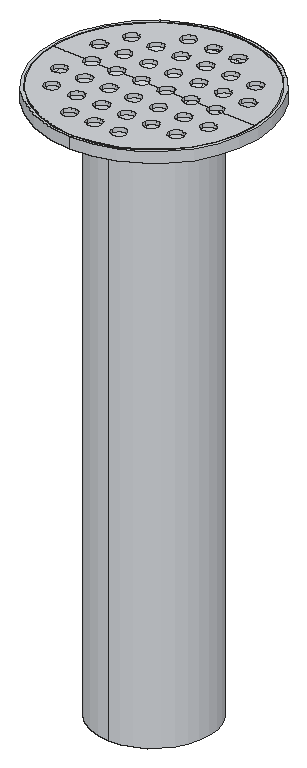
Revit family "RS200R.60.4.118", category Sanitärinstallationen, Revit 2020
Family settings
  Bemaßung runder Anschluss = Durchmesser verwenden
  Teiletyp = Normal
  Arbeitsebenenbasiert = Nein
  Immer vertikal = Ja
  Beim Laden mit Abzugskörper schneiden = Nein
  Gemeinsam genutzt = Nein
  Raumberechnungspunkt = Nein
Parameters (values of type "DN60")
  Übergangsbride [instance] = yes
  Vorgabe-Ansicht = 0 mm
  URL = "https://www.resitec.ch/"
  RS_winkelbol [instance] = not(Spezialanfertigung abgewinkelt)  # yes
  RS_s001 = 3 mm
  RS_dimH-Winkel [instance] = if(Spezialanfertigung abgewinkelt, Höhe, Höhe Rost)  # 317 mm
  RS_dimH-Rost [instance] = RS_Rost_h1 - 38 mm  # 279 mm
  RS_dim001 = 6 mm
  RS_dim002 = 18 mm
  RS_dim003 = 25 mm
  RS_dia002 = 130 mm
  RS_dia001 = 118 mm
  RS_DVol-T = 300 mm
  RS_DVol-L = 300 mm
  RS_DN2 = 0 mm
  RS_DN1d = 63 mm
  RS_DN1 = 60 mm
  RS_AVol-T = 129 mm
  RS_AVol-L = 129 mm
  RS_AVol-H = 200 mm
  RS_URL = "https://resitec.ch/entwaesserungstechnik/bodenablauf/?tx_resitecprodukte_produktliste%5Bprodukt%5D=1&tx_resitecprodukte_produktliste%5Baction%5D=show&tx_resitecprodukte_produktliste%5Bcontroller%5D=Produkt&cHash=cee8b11d3745fbe960417df4e1698a16"
  RS_Rost_h1 [instance] = Höhe Rost  # 317 mm
  RS_Rost_Typ [instance] = "RS511.2.145"
  RS_Manufacture = "Resitec"  # constant formula
  RS_Description [instance] = "Bodeneinlauf aus rostfreiem Stahl 1.4404 gebeizt, Typ RS 200R/40 mit Rohr ø 48.3xL= 317 mm\r\nvertikal, unsifoniert, Grösse: ø 118 mm inkl. Lochrost\r\nrund aus rostfreiem Stahl 1.4301 gebeizt,\r\nGrösse: ø 113 mm, barfuss begehbar und mit Rollstuhl\r\nbefahrbar"  # constant formula
  RS_Articelnumber [instance] = "RS220R.60.4.118"
  RS_Add_1 [instance] = ""
  Spezialanfertigung abgewinkelt [instance] = no
  Rückstaudichtung RS644.60 [instance] = yes
  Höhe Rost [instance] = 317 mm
  Höhe [instance] = 130 mm
  Hersteller = RS_Manufacture  # "Resitec"
  Description = ""
  Baugruppenkennzeichen = "D2030300"
  Anschlusswert DU L/s = 0
Types (3, lengths in mm): name | RS_DN1d | RS_DN1 | RS_Articelnumber
  (no name) | 63 | 60 | "RS220R.60.4.118"
  DN60 | 63 | 60 | "RS220R.60.4.118"
  DN40 | 48 | 40 | "RS220R.40.4.118"
Reference planes
  plane 1 "Mitte (Vorne/hinten)": y = 0
  plane 2: z = 0
  plane 3 "Mitte (Links/rechts)": x = 0
  plane 4: z = -317
  plane 5: y = -59
  plane 6: y = 59
  plane 7: z = -18
  plane 8: z = -6
  plane 9: y = -31.5
  plane 10: y = 31.5
  plane 11: z = -130
  plane 12: y = 317
Forms (mm)
  Revolve 1, solid
    sketch origin (0, 0, 0) x (0, 1, 0) y (0, 0, 1)
      loop
        line (-59, 0) -> (-59, -6) -> (-48.343, -6) -> (-31.348, -18.078) -> (-30, -18.078) -> (-30, -17.196) -> (-47.864, -4.5) -> (-57.5, -4.5) -> (-57.5, 0) -> (-59, 0)
      axis (0, -18.078) -> (0, 0)
    angle from 0 to 360
  Sweep 2, solid, visible <- "Spezialanfertigung abgewinkelt"
    path origin (0, -15.62, 0) x (0, 1, 0) y (0, 0, 1)
      loop
        line (15.62, -18) -> (15.62, -317) -> (332.62, -317)
    profile origin (0, 0, -167.5) x (1, 0, 0) y (0, 1, 0)
      loop
        circle (0, 0) r 31.5
  Revolve 3, solid, visible <- "RS_winkelbol"
    sketch origin (0, 0, 0) x (0, 1, 0) y (0, 0, 1)
      loop
        line (0, -18.078) -> (0, -317) -> (31.5, -317) -> (31.5, -18.078) -> (0, -18.078)
      axis (0, -18.078) -> (0, -317)
    angle from 0 to 360
Dimensions and locks
  "RS_dia001": plane 5 to plane 6
  equal spacing: plane 5, plane 1 "Mitte (Vorne/hinten)", plane 6
  "RS_dim001": level to plane 8
  "RS_dim002": level to plane 7
  "RS_DN1d": plane 9 to plane 10
  equal spacing: plane 9, plane 1 "Mitte (Vorne/hinten)", plane 10
  plane 5 to Revolve 1 sketch curve = 1.5 mm
  plane 8 to Revolve 1 sketch curve = 1.5 mm
  Revolve 1 sketch curve to Revolve 1 sketch curve = 1.5 mm
  plane 5 to Revolve 1 sketch curve = 10.657 mm
  Revolve 1 sketch curve to Revolve 1 sketch curve = 1.348 mm
  "RS_dimH-Winkel": level to plane 4
  "Höhe": level to plane 11
  "Höhe Rost": plane 1 "Mitte (Vorne/hinten)" to plane 12
  "RS_DN1d": diameter of Sweep 2 sketch curve
  aligned and locked: level to plane 2
  aligned and locked: plane 5 to Revolve 1 sketch curve
  aligned and locked: Revolve 1 sketch curve to plane 8
  aligned and locked: plane 12 to Sweep 2 sketch curve
  aligned and locked: plane 1 "Mitte (Vorne/hinten)" to Sweep 2 sketch curve
  aligned and locked: Revolve 1 to level
  aligned and locked: nested 1 to level
  aligned and locked: Revolve 1 to Revolve 3 sketch curve
  aligned and locked: Revolve 3 sketch curve to plane 1 "Mitte (Vorne/hinten)"
  aligned and locked: plane 4 to Revolve 3 sketch curve
  aligned and locked: Revolve 3 sketch curve to plane 10
  aligned and locked: Revolve 3 sketch curve to Revolve 3 sketch curve
Automatic sketch dimensions
  Sweep 2 sketch curve to plane 4 = 0 mm
  Sweep 2 sketch curve to plane 7 = 0 mm
  Revolve 3 sketch curve to plane 10 = 0 mm
  Revolve 3 sketch curve to plane 4 = 0 mm
  Revolve 3 sketch curve to plane 7 = 0 mm
  Revolve 1 sketch curve to plane 7 = 0.078 mm
  plane 9 to Revolve 1 sketch curve = 0.152 mm
  Revolve 1 sketch curve to level = 0 mm  (x2)
  Revolve 1 sketch curve to plane 1 "Mitte (Vorne/hinten)" = 0 mm
  Revolve 1 sketch curve to plane 7 = 0 mm
  Sweep 2 sketch curve to plane 3 "Mitte (Links/rechts)" = 0 mm
  profile plane to Sweep 2 sketch curve = 0 mm
Nested families
  nested 1: "RS511.4.113" at (0, 0, 0), type "RS511.4.113"
Connectors
  piping at (0, 0, -317), diameter 60, driven by "RS_DN1"
    settings: on Revolve 3, index 1, connector inside diameter 609.6 mm, connector length 0 mm, flow factor 0, pipe flow 0.0 L/s, pressure drop 0.0 Pa, fitting loss kfactor 0, connector angle 0.00°, fixture units 0, engagement length 0 mm, angle of deflection 0.00°, flow configuration 0, flow direction 0, fitting loss method 0, system type 16, joint type 0, gender type 0, connector reference index -1, connector utility 0, adjustable connector no, is connector primary yes, connector description ""
Definition of nested family "RS511.4.113"
  Parameters (values of type "RS511.4.113")
    Default Elevation = 0 mm
    RS_dRosat = 114 mm
    RS_Hrost = 4.5 mm
  Reference planes
    plane 1 "Mitte (Vorne/hinten)": y = 0
    plane 2: z = 0
    plane 3 "Mitte (Links/rechts)": x = 0
    plane 4: z = -4.5
    plane 5: x = -57
    plane 6: x = 57
  Forms (mm)
    Revolve 1, solid
      sketch origin (0, 0, 0) x (1, 0, 0) y (0, 0, 1)
        loop
          line (-57, -4.5) -> (-55.2, -4.5) -> (-55.2, -1.8) -> (0, -1.8) -> (0, 0) -> (-57, 0) -> (-57, -4.5)
        axis (0, -4.5) -> (0, 0)
      angle from 0 to 360
    Extrusion 2, void
      sketch origin (0, 0, 0) x (1, 0, 0) y (0, 1, 0)
        loop
          circle (0, 42) r 4.018
        loop
          circle (14, 42) r 4.018
        loop
          circle (-14, 42) r 4.018
        loop
          circle (-7, 28) r 4.018
        loop
          circle (7, 28) r 4.018
        loop
          circle (-21, 28) r 4.018
        loop
          circle (-35, 28) r 4.018
        loop
          circle (35, 28) r 4.018
        loop
          circle (21, 28) r 4.018
        loop
          circle (0, 14) r 4.018
        loop
          circle (14, 14) r 4.018
        loop
          circle (-14, 14) r 4.018
        loop
          circle (-7, 0) r 4.018
        loop
          circle (7, 0) r 4.018
        loop
          circle (-21, 0) r 4.018
        loop
          circle (-35, 0) r 4.018
        loop
          circle (35, 0) r 4.018
        loop
          circle (21, 0) r 4.018
        loop
          circle (-28, 14) r 4.018
        loop
          circle (-42, 14) r 4.018
        loop
          circle (28, 14) r 4.018
        loop
          circle (42, 14) r 4.018
        loop
          circle (0, -42) r 4.018
        loop
          circle (-14, -42) r 4.018
        loop
          circle (14, -42) r 4.018
        loop
          circle (7, -28) r 4.018
        loop
          circle (-7, -28) r 4.018
        loop
          circle (21, -28) r 4.018
        loop
          circle (35, -28) r 4.018
        loop
          circle (-35, -28) r 4.018
        loop
          circle (-21, -28) r 4.018
        loop
          circle (0, -14) r 4.018
        loop
          circle (-14, -14) r 4.018
        loop
          circle (14, -14) r 4.018
        loop
          circle (28, -14) r 4.018
        loop
          circle (42, -14) r 4.018
        loop
          circle (-28, -14) r 4.018
        loop
          circle (-42, -14) r 4.018
      from -4.5 to 0
  Cuts and joins
    Extrusion 2 cuts Revolve 1
  Lines and regions (mm)
    reference lines
      curve 1: line (-75.02, 14, 0) -> (71.979, 14, 0)
      curve 2: line (-75.02, 28, 0) -> (71.979, 28, 0)
      curve 3: line (-75.02, 42, 0) -> (71.979, 42, 0)
  Dimensions and locks
    "RS_Hrost": level to plane 4
    "RS_dRosat": plane 6 to plane 5
    equal spacing: plane 6, plane 3 "Mitte (Links/rechts)", plane 5
    Revolve 1 sketch curve to Revolve 1 sketch curve = 1.8 mm  (x2)
    plane 1 "Mitte (Vorne/hinten)" to curve 1 = 14 mm
    curve 1 to curve 2 = 14 mm
    curve 2 to curve 3 = 14 mm
    radius of Extrusion 2 sketch curve = 4.018 mm  (x38)
    aligned and locked: level to plane 2
    aligned and locked: Extrusion 2 to plane 4
    aligned and locked: level to Extrusion 2
  Automatic sketch dimensions
    Revolve 1 sketch curve to level = 0 mm
    Revolve 1 sketch curve to plane 5 = 0 mm
    Revolve 1 sketch curve to plane 3 "Mitte (Links/rechts)" = 0 mm  (x2)
    Revolve 1 sketch curve to plane 4 = 0 mm  (x2)
    level to Revolve 1 sketch curve = 6.445 mm
    curve 3 to plane 5 = 18.02 mm
    curve 2 to curve 3 = 0 mm
    curve 1 to curve 2 = 0 mm  (x2)
    plane 6 to curve 2 = 14.979 mm
    curve 3 to curve 2 = 0 mm
    plane 1 "Mitte (Vorne/hinten)" to Extrusion 2 sketch curve = 0 mm  (x6)
    Extrusion 2 sketch curve to plane 3 "Mitte (Links/rechts)" = 0 mm  (x4)
    Extrusion 2 sketch curve to plane 3 "Mitte (Links/rechts)" = 7 mm  (x3)
    Extrusion 2 sketch curve to plane 3 "Mitte (Links/rechts)" = 14 mm  (x4)
    Extrusion 2 sketch curve to Extrusion 2 sketch curve = 14 mm  (x26)
    plane 3 "Mitte (Links/rechts)" to Extrusion 2 sketch curve = 7 mm  (x3)
    plane 3 "Mitte (Links/rechts)" to Extrusion 2 sketch curve = 14 mm  (x4)
    plane 1 "Mitte (Vorne/hinten)" to Extrusion 2 sketch curve = 14 mm  (x3)
    Extrusion 2 sketch curve to Extrusion 2 sketch curve = 0 mm  (x21)
    Extrusion 2 sketch curve to plane 1 "Mitte (Vorne/hinten)" = 14 mm  (x2)
